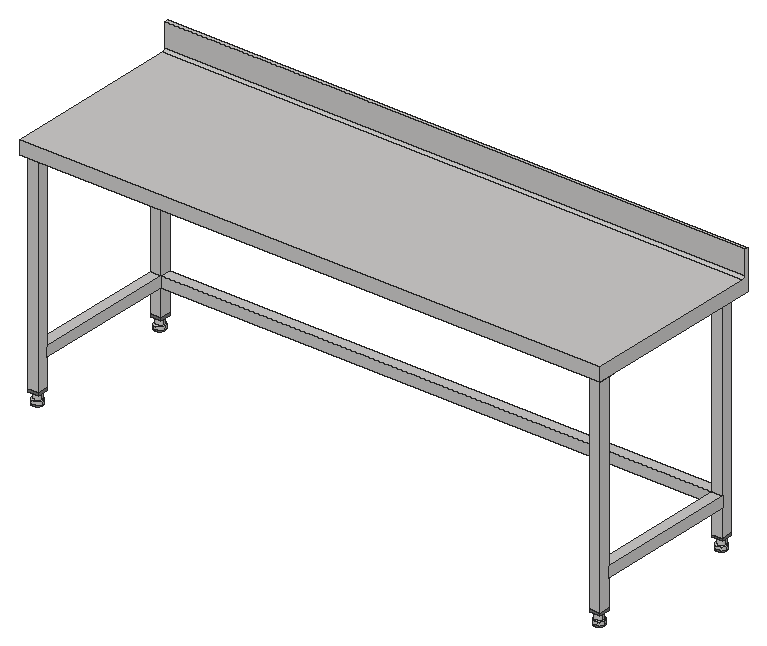
Revit family "QF_ZANUSSI_133237_TG2200UN", category Attrezzature speciali, Revit 2020
Family settings
  Quota connettore circolare = Usa diametro
  Tipo di parte = Normale
  Basato su piano di lavoro = No
  Sempre verticale = Sì
  Taglio con vuoti quando caricato = No
  Condiviso = No
  Punto di calcolo locali = No
Parameters (values of type "Standard")
  Weight = 77.00 kg
  Watts = 0 W
  Volts = 0 V
  URL Manufacturer = "http://www.zanussiprofessional.com"
  URL = "http://www.zanussiprofessional.com"
  Steam Supply Size = 0 mm
  Steam Supply Minimum Pressure = 0.0 Pa
  Steam Supply Maximum Pressure = 0.0 Pa
  Steam Consumption per Hour = 0
  Refrigeration Suction Line Size = 0.0 mm
  Refrigeration Liquid Line Size = 0.0 mm
  Refrigerant Compressor Remote = yes
  Prospetto di default = 0.0 mm
  Produttore = "Zanussi"
  Phase = 0
  Modello = "TG2200UN"
  Length Actual = 2200.0 mm  # constant formula
  Item Number = "133237"
  Hot Water Size = 0 mm
  Height Actual = 1000.0 mm  # constant formula
  HP = "0 HP"
  Gas Size = 0 mm
  Gas KW = 0
  Gas Input Pressure = 0 W
  Direct Waste Size = 0 mm
  Descrizione = "WORK TABLE WITH UPSTAND 2200 MM+UNDERFRAME"
  Depth Actual = 700.0 mm  # constant formula
  Cycle = 0 Hz
  Condensate Return Size = 0 mm
  Compressed Air Volume = 0.0 L/s
  Compressed Air Size = 0 mm
  Compressed Air Pressure = 0.0 Pa
  Cold Water Size = 0 mm
  Accessory = yes
Reference planes
  plane 1 "Center (Front/Back)": y = 0
  plane 2: z = 0
  plane 3 "Center (Left/Right)": x = -600
  plane 4 "LEFT": x = -1700
  plane 5 "RIGHT": x = 500
  plane 6 "BACK": y = 350
  plane 7 "FRONT": y = -350
  plane 8 "Base": z = 850
  plane 9 "TOP": z = 900
  plane 10: x = -1664.5
  plane 11: x = 464.5
  plane 12: y = 269.5
  plane 13: y = -310.5
Forms (mm)
  Extrusion 1, solid, material "QF_Finishes_Stainless Steel"
    sketch origin (-600, 0, 0) x (0, 1, 0) y (0, 0, 1)
      loop
        line (-350, 850) -> (350, 850) -> (350, 1000) -> (337, 1000) -> (337, 910)
        arc (337, 910) -> (334.071, 902.929) -> (327, 900) r 10
        line (327, 900) -> (-350, 900) -> (-350, 850)
    from 1100 to -1100
  Extrusion 2, solid, material "QF_Finishes_Stainless Steel"
    sketch origin (-600, 0, 0) x (0, 1, 0) y (0, 0, 1)
      loop
        line (249.5, 195) -> (249.5, 155) -> (289.5, 155) -> (289.5, 195) -> (249.5, 195)
    from 1044.5 to -1044.5
  Extrusion 3, solid, material "QF_Finishes_Stainless Steel"
    sketch origin (0, 0, 0) x (1, 0, 0) y (0, 0, 1)
      loop
        line (-1644.5, 195) -> (-1684.5, 195) -> (-1684.5, 155) -> (-1644.5, 155) -> (-1644.5, 195)
      loop
        line (484.5, 195) -> (444.5, 195) -> (444.5, 155) -> (484.5, 155) -> (484.5, 195)
    from 290.5 to -249.5
Lines and regions (mm)
  symbolic lines
    curve 1: line (500, 350, 900) -> (-1700, 350, 900)
    curve 2: line (-1700, 350, 900) -> (-1700, -350, 900)
    curve 3: line (-1700, -350, 900) -> (500, -350, 900)
    curve 4: line (500, -350, 900) -> (500, 350, 900)
    curve 5: line (500, 337, 900) -> (-1700, 337, 900)
Dimensions and locks
  plane 4 "LEFT" to plane 5 "RIGHT" = 2200.0 mm
  equal spacing: plane 4 "LEFT", plane 3 "Center (Left/Right)", plane 5 "RIGHT"
  locked: plane 8 "Base" to level at 850
  plane 4 "LEFT" to plane 10 = 35.5 mm
  plane 11 to plane 5 "RIGHT" = 35.5 mm
  plane 10 to plane 11 = 2129.0 mm
  locked: Extrusion 1 to level at 1000
  plane 9 "TOP" to level = 900.0 mm
  plane 6 "BACK" to plane 12 = 80.5 mm
  plane 13 to plane 7 "FRONT" = 39.5 mm
  plane 6 "BACK" to plane 7 "FRONT" = 700.0 mm
  plane 12 to plane 13 = 580.0 mm
  equal spacing: plane 6 "BACK", plane 1 "Center (Front/Back)", plane 7 "FRONT"
  aligned and locked: level to plane 2
  aligned and locked: plane 11 to nested 2
  aligned and locked: nested 2 to plane 12
  aligned and locked: plane 10 to nested 1
  aligned and locked: nested 1 to plane 12
  aligned and locked: Extrusion 1 to plane 4 "LEFT"
  aligned and locked: plane 5 "RIGHT" to Extrusion 1
  aligned and locked: curve 2 to plane 4 "LEFT"
  aligned and locked: Extrusion 3 to nested 1
  aligned and locked: nested 4 to nested 3
  aligned and locked: plane 10 to nested 4
Automatic sketch dimensions
  curve 3 to plane 7 "FRONT" = 0.0 mm
  curve 5 to plane 5 "RIGHT" = 0.0 mm
  curve 4 to plane 6 "BACK" = 0.0 mm
  curve 5 to plane 6 "BACK" = 13.0 mm
  Extrusion 1 sketch curve to plane 7 "FRONT" = 0.0 mm
  Extrusion 1 sketch curve to plane 9 "TOP" = 0.0 mm
  Extrusion 1 sketch curve to plane 6 "BACK" = 0.0 mm
  Extrusion 1 sketch curve to plane 8 "Base" = 0.0 mm
  plane 9 "TOP" to Extrusion 1 sketch curve = 10.0 mm
  Extrusion 1 sketch curve to plane 6 "BACK" = 23.0 mm
  Extrusion 1 sketch curve to Extrusion 1 sketch curve = 90.0 mm
  Extrusion 2 sketch curve to plane 12 = 20.0 mm
  plane 12 to Extrusion 2 sketch curve = 20.0 mm
  level to Extrusion 2 sketch curve = 155.0 mm
  Extrusion 2 sketch curve to Extrusion 2 sketch curve = 40.0 mm
  plane 4 "LEFT" to Extrusion 3 sketch curve = 15.5 mm
  plane 10 to Extrusion 3 sketch curve = 20.0 mm
  Extrusion 3 sketch curve to plane 11 = 20.0 mm
  Extrusion 3 sketch curve to plane 5 "RIGHT" = 15.5 mm
  level to Extrusion 3 sketch curve = 155.0 mm  (x2)
  Extrusion 3 sketch curve to Extrusion 3 sketch curve = 40.0 mm  (x2)
Nested families
  nested 1: "FEET_40x40_APP42" at (-1664.5, 269.5, 0), type "FEET_40x40_APP42"
  nested 2: "FEET_40x40_APP42" at (464.5, 269.5, 0), type "FEET_40x40_APP42"
  nested 3: "FEET_40x40_APP42" at (464.5, -310.5, 0), type "FEET_40x40_APP42"
  nested 4: "FEET_40x40_APP42" at (-1664.5, -310.5, 0), type "FEET_40x40_APP42"
Definition of nested family "FEET_40x40_APP42"
  Parameters
    Default Elevation = 0.0 mm
    FEET = 850.0 mm
  Reference planes
    plane 1 "Center (Front/Back)": y = 0
    plane 2: z = 0
    plane 3 "Center (Left/Right)": x = 0
    plane 4: z = 850
  Forms (mm)
    Extrusion 1, solid
      sketch origin (0, 0, 0) x (1, 0, 0) y (0, 1, 0)
        loop
          line (-20, -20) -> (20, -20) -> (20, 20) -> (-20, 20) -> (-20, -20)
      from 50 to 845
    Extrusion 2, solid
      sketch origin (0, 0, 0) x (1, 0, 0) y (0, 1, 0)
        loop
          circle (0, 0) r 20
      from 0 to 5
    Extrusion 3, solid
      sketch origin (0, 0, 0) x (1, 0, 0) y (0, 1, 0)
        loop
          line (30, 30) -> (-30, 30) -> (-30, -30) -> (30, -30) -> (30, 30)
      from 845 to 850
    Extrusion 4, solid
      sketch origin (0, 0, 0) x (1, 0, 0) y (0, 1, 0)
        loop
          line (-20, -20) -> (20, -20) -> (20, 20) -> (-20, 20) -> (-20, -20)
      from 50 to 42
    Revolve 5, solid
      sketch origin (0, 0, 0) x (1, 0, 0) y (0, 0, 1)
        loop
          line (0, 42) -> (-15, 42) -> (-15, 20) -> (-20, 15) -> (-20, 5) -> (0, 5) -> (0, 42)
        axis (0, 42) -> (0, 5)
      angle from 0 to 360
  Lines and regions (mm)
    symbolic lines
      curve 1: line (0, -1.503, 0) -> (0, 1.508, 0)
      curve 2: line (1.561, 0, 0) -> (-1.439, 0, 0)
  Dimensions and locks
    "FEET": plane 4 to plane 2
    aligned and locked: level to plane 2
  Automatic sketch dimensions
    plane 1 "Center (Front/Back)" to curve 2 = 0.0 mm
    curve 1 to plane 3 "Center (Left/Right)" = 0.0 mm
    curve 2 to plane 3 "Center (Left/Right)" = 1.439 mm
    plane 3 "Center (Left/Right)" to curve 2 = 1.561 mm
    plane 1 "Center (Front/Back)" to curve 1 = 1.503 mm
    curve 1 to plane 1 "Center (Front/Back)" = 1.508 mm
    Extrusion 1 sketch curve to plane 3 "Center (Left/Right)" = 20.0 mm
    plane 3 "Center (Left/Right)" to Extrusion 1 sketch curve = 20.0 mm
    plane 1 "Center (Front/Back)" to Extrusion 1 sketch curve = 20.0 mm
    Extrusion 1 sketch curve to plane 1 "Center (Front/Back)" = 20.0 mm
    plane 1 "Center (Front/Back)" to Extrusion 2 sketch curve = 0.0 mm
    Extrusion 2 sketch curve to plane 3 "Center (Left/Right)" = 0.0 mm
    Extrusion 3 sketch curve to plane 3 "Center (Left/Right)" = 30.0 mm
    plane 3 "Center (Left/Right)" to Extrusion 3 sketch curve = 30.0 mm
    plane 1 "Center (Front/Back)" to Extrusion 3 sketch curve = 30.0 mm
    Extrusion 3 sketch curve to plane 1 "Center (Front/Back)" = 30.0 mm
    Extrusion 4 sketch curve to plane 3 "Center (Left/Right)" = 20.0 mm
    plane 3 "Center (Left/Right)" to Extrusion 4 sketch curve = 20.0 mm
    plane 1 "Center (Front/Back)" to Extrusion 4 sketch curve = 20.0 mm
    Extrusion 4 sketch curve to plane 1 "Center (Front/Back)" = 20.0 mm
    Revolve 5 sketch curve to plane 3 "Center (Left/Right)" = 0.0 mm  (x2)
    Revolve 5 sketch curve to plane 3 "Center (Left/Right)" = 15.0 mm
    Revolve 5 sketch curve to Revolve 5 sketch curve = 5.0 mm  (x3)
    level to Revolve 5 sketch curve = 5.0 mm
    Revolve 5 sketch curve to Revolve 5 sketch curve = 10.0 mm
    Revolve 5 sketch curve to Revolve 5 sketch curve = 22.0 mm
    Revolve 5 sketch curve to level = 9.561 mm
    radius of Extrusion 2 sketch curve = 20.0 mm
